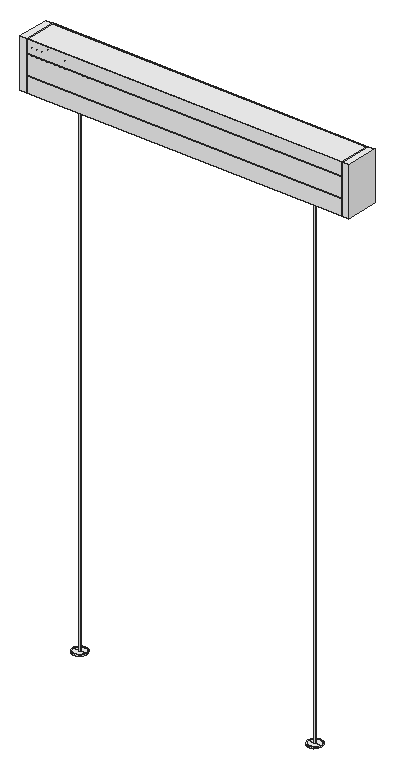
Revit family "2.3 inch  MAGIC WALL WASH LINEAR LIGHT", category Lighting Fixtures, host Face, Revit 2020 (continued)
Types (17): name | Wattage Comments | Wattage | Wall Mount | Suspenders Distance | Surface Mount | Recessed Mount | Photometric Web File | Pendent Mount | Order number | built-in parameter 1150142 | Model | built-in parameter 1150105 | Lumens | Light Source Height | Light Source Distance | built-in parameter 1150106 | Fixture Length
  MAG1223-SW1-PSM-WID-FDL | "20W/30W/40W" | 30.9677 W | no | 3' - 5" | yes | no | "MAG1223_SW1_FDL_DOWN100_4000K_wall_wash.IES" | yes | "18364" | "IESNA:LM-63-2002\r\n[TEST] 1\r\n[TESTLAB] EVERFINE\r\n[TESTDATE] 2024-04-01\r\n[ISSUEDATE] 2024-04-01 13:34:23\r\n[NEARFIELD] \r\n[LAMPPOSITION] 0,0\r\n[OTHER] EVERFINE GO-2000B_V1 SYSTEM\r\n[MANUFAC] Aboveall lighting\r\n[LUMINAIRE] MAG1223-SW1-FDL DOWN100 4000K wall wash\r\n[OTHER] \r\n[OTHER] Gamma(deg)    Fz(lm)      Ft(lm)     %Lum    %Lamp\r\n[OTHER]   0- 10       167.95      167.95     3.72     3.72\r\n[OTHER]  10- 20       474.91      642.86    14.25    14.25\r\n[OTHER]  20- 30       707.42     1350.28    29.93    29.93\r\n[OTHER]  30- 40       842.39     2192.67    48.60    48.60\r\n[OTHER]  40- 50       840.60     3033.27    67.23    67.23\r\n[OTHER]  50- 60       688.20     3721.47    82.49    82.49\r\n[OTHER]  60- 70       459.05     4180.52    92.66    92.66\r\n[OTHER]  70- 80       234.51     4415.03    97.86    97.86\r\n[OTHER]  80- 90        72.72     4487.75    99.47    99.47\r\n[OTHER]  90-100         5.55     4493.30    99.59    99.59\r\n[OTHER] 100-110         3.22     4496.51    99.66    99.66\r\n[OTHER] 110-120         3.24     4499.76    99.74    99.74\r\n[OTHER] 120-130         3.07     4502.83    99.80    99.80\r\n[OTHER] 130-140         2.88     4505.71    99.87    99.87\r\n[OTHER] 140-150         2.49     4508.20    99.92    99.92\r\n[OTHER] 150-160         1.88     4510.09    99.97    99.97\r\n[OTHER] 160-170         1.17     4511.25    99.99    99.99\r\n[OTHER] 170-180         0.39     4511.65   100.00   100.00\r\n[OTHER] \r\nTILT=NONE\r\n1 -1 1 361 73 1 2 0.060 1.200 0.000\r\n1.000 1 40.2\r\n0.0    0.5    1.0    1.5    2.0    2.5    3.0    3.5    4.0    4.5    \r\n 5.0    5.5    6.0    6.5    7.0    7.5    8.0    8.5    9.0    9.5    \r\n 10.0   10.5   11.0   11.5   12.0   12.5   13.0   13.5   14.0   14.5   \r\n 15.0   15.5   16.0   16.5   17.0   17.5   18.0   18.5   19.0   19.5   \r\n 20.0   20.5   21.0   21.5   22.0   22.5   23.0   23.5   24.0   24.5   \r\n 25.0   25.5   26.0   26.5   27.0   27.5   28.0   28.5   29.0   29.5   \r\n 30.0   30.5   31.0   31.5   32.0   32.5   33.0   33.5   34.0   34.5   \r\n 35.0   35.5   36.0   36.5   37.0   37.5   38.0   38.5   39.0   39.5   \r\n 40.0   40.5   41.0   41.5   42.0   42.5   43.0   43.5   44.0   44.5   \r\n 45.0   45.5   46.0   46.5   47.0   47.5   48.0   48.5   49.0   49.5   \r\n 50.0   50.5   51.0   51.5   52.0   52.5   53.0   53.5   54.0   54.5   \r\n 55.0   55.5   56.0   56.5   57.0   57.5   58.0   58.5   59.0   59.5   \r\n 60.0   60.5   61.0   61.5   62.0   62.5   63.0   63.5   64.0   64.5   \r\n 65.0   65.5   66.0   66.5   67.0   67.5   68.0   68.5   69.0   69.5   \r\n 70.0   70.5   71.0   71.5   72.0   72.5   73.0   73.5   74.0   74.5   \r\n 75.0   75.5   76.0   76.5   77.0   77.5   78.0   78.5   79.0   79.5   \r\n 80.0   80.5   81.0   81.5   82.0   82.5   83.0   83.5   84.0   84.5   \r\n 85.0   85.5   86.0   86.5   87.0   87.5   88.0   88.5   89.0   89.5   \r\n 90.0   90.5   91.0   91.5   92.0   92.5   93.0   93.5   94.0   94.5   \r\n 95.0   95.5   96.0   96.5   97.0   97.5   98.0   98.5   99.0   99.5   \r\n 100.0  100.5  101.0  101.5  102.0  102.5  103.0  103.5  104.0  104.5  \r\n 105.0  105.5  106.0  106.5  107.0  107.5  108.0  108.5  109.0  109.5  \r\n 110.0  110.5  111.0  111.5  112.0  112.5  113.0  113.5  114.0  114.5  \r\n 115.0  115.5  116.0  116.5  117.0  117.5  118.0  118.5  119.0  119.5  \r\n 120.0  120.5  121.0  121.5  122.0  122.5  123.0  123.5  124.0  124.5  \r\n 125.0  125.5  126.0  126.5  127.0  127.5  128.0  128.5  129.0  129.5  \r\n 130.0  130.5  131.0  131.5  132.0  132.5  133.0  133.5  134.0  134.5  \r\n 135.0  135.5  136.0  136.5  137.0  137.5  138.0  138.5  139.0  139.5  \r\n 140.0  140.5  141.0  141.5  142.0  142.5  143.0  143.5  144.0  144.5  \r\n 145.0  145.5  146.0  146.5  147.0  147.5  148.0  148.5  149.0  149.5  \r\n 150.0  150.5  151.0  151.5  152.0  152.5  153.0  153.5  154.0  154.5  \r\n 155.0  155.5  156.0  156.5  157.0  157.5  158.0  158.5  159.0  159.5  \r\n 160.0  160.5  161.0  161.5  162.0  162.5  163.0  163.5  164.0  164.5  \r\n 165.0  165.5  166.0  166.5  167.0  167.5  168.0  168.5  169.0  169.5  \r\n 170.0  170.5  171.0  171.5  172.0  172.5  173.0  173.5  174.0  174.5  \r\n 175.0  175.5  176.0  176.5  177.0  177.5  178.0  178.5  179.0  179.5  \r\n 180.0  \r\n0.0    5.0    10.0   15.0   20.0   25.0   30.0   35.0   40.0   45.0   \r\n 50.0   55.0   60.0   65.0   70.0   75.0   80.0   85.0   90.0   95.0   \r\n 100.0  105.0  110.0  115.0  120.0  125.0  130.0  135.0  140.0  145.0  \r\n 150.0  155.0  160.0  165.0  170.0  175.0  180.0  185.0  190.0  195.0  \r\n 200.0  205.0  210.0  215.0  220.0  225.0  230.0  235.0  240.0  245.0  \r\n 250.0  255.0  260.0  265.0  270.0  275.0  280.0  285.0  290.0  295.0  \r\n 300.0  305.0  310.0  315.0  320.0  325.0  330.0  335.0  340.0  345.0  \r\n 350.0  355.0  360.0  \r\n1793.11  1790.13  1787.15  1784.17  1781.19  1778.20  1775.22  1772.24  1769.26  1766.28  \r\n 1763.30  1760.32  1757.34  1754.36  1751.38  1748.40  1745.42  1742.44  1739.46  1736.48  \r\n 1733.49  1730.51  1727.53  1724.55  1721.57  1718.59  1715.61  1712.63  1709.65  1706.67  \r\n 1703.69  1695.24  1686.79  1678.34  1669.89  1661.44  1652.99  1644.54  1636.08  1627.63  \r\n 1619.18  1610.73  1602.28  1593.83  1585.38  1576.93  1568.48  1560.03  1551.58  1543.13  \r\n 1534.68  1526.23  1517.78  1509.33  1500.88  1492.43  1483.98  1475.53  1467.08  1458.63  \r\n 1450.18  1437.66  1425.14  1412.62  1400.10  1387.59  1375.07  1362.55  1350.03  1337.51  \r\n 1324.99  1312.47  1299.96  1287.44  1274.92  1262.40  1249.88  1237.36  1224.85  1212.33  \r\n 1199.81  1187.29  1174.77  1162.25  1149.73  1137.22  1124.70  1112.18  1099.66  1087.14  \r\n 1074.62  1059.58  1044.53  1029.48  1014.43  999.38   984.34   969.29   954.24   939.19   \r\n 924.15   909.10   894.05   879.00   863.95   848.91   833.86   818.81   803.76   788.72   \r\n 773.67   758.62   743.57   728.52   713.48   698.43   683.38   668.33   653.28   638.24   \r\n 623.19   610.10   597.01   583.92   570.83   557.75   544.66   531.57   518.48   505.39   \r\n 492.30   479.21   466.12   453.03   439.95   426.86   413.77   400.68   387.59   374.50   \r\n 361.41   348.32   335.24   322.15   309.06   295.97   282.88   269.79   256.70   243.61   \r\n 230.53   222.94   215.36   207.77   200.19   192.60   185.02   177.43   169.85   162.26   \r\n 154.68   147.09   139.51   131.92   124.34   116.75   109.17   101.58   94.00    86.41    \r\n 78.83    71.24    63.66    56.07    48.49    40.91    33.32    25.74    18.15    10.57    \r\n 2.98     2.99     3.01     3.02     3.03     3.04     3.06     3.07     3.08     3.09     \r\n 3.11     3.12     3.13     3.14     3.16     3.17     3.18     3.19     3.21     3.22     \r\n 3.23     3.24     3.26     3.27     3.28     3.29     3.31     3.32     3.33     3.34     \r\n 3.36     3.40     3.44     3.47     3.51     3.55     3.59     3.63     3.67     3.71     \r\n 3.75     3.79     3.83     3.87     3.91     3.95     3.99     4.03     4.06     4.10     \r\n 4.14     4.18     4.22     4.26     4.30     4.34     4.38     4.42     4.46     4.50     \r\n 4.54     4.56     4.58     4.60     4.62     4.64     4.66     4.69     4.71     4.73     \r\n 4.75     4.77     4.79     4.81     4.83     4.86     4.88     4.90     4.92     4.94     \r\n 4.96     4.98     5.00     5.03     5.05     5.07     5.09     5.11     5.13     5.15     \r\n 5.17     5.16     5.16     5.15     5.14     5.13     5.12     5.11     5.10     5.10     \r\n 5.09     5.08     5.07     5.06     5.05     5.04     5.04     5.03     5.02     5.01     \r\n 5.00     4.99     4.98     4.97     4.97     4.96     4.95     4.94     4.93     4.92     \r\n 4.91     4.90     4.88     4.86     4.84     4.83     4.81     4.79     4.77     4.76     \r\n 4.74     4.72     4.70     4.69     4.67     4.65     4.63     4.62     4.60     4.58     \r\n 4.56     4.55     4.53     4.51     4.49     4.48     4.46     4.44     4.42     4.41     \r\n 4.39     4.39     4.38     4.38     4.37     4.37     4.36     4.36     4.36     4.35     \r\n 4.35     4.34     4.34     4.33     4.33     4.33     4.32     4.32     4.31     4.31     \r\n 4.30     4.30     4.30     4.29     4.29     4.28     4.28     4.27     4.27     4.27     \r\n 4.26     \r\n1793.11  1791.39  1789.66  1787.93  1786.20  1784.45  1782.71  1780.96  1779.20  1777.43  \r\n 1775.67  1773.89  1772.11  1770.32  1768.53  1766.73  1764.92  1763.11  1761.29  1759.47  \r\n 1757.63  1755.79  1753.95  1752.09  1750.19  1748.29  1746.38  1744.46  1742.55  1740.63  \r\n 1738.71  1731.96  1724.60  1717.23  1709.85  1702.45  1695.04  1687.61  1680.17  1672.71  \r\n 1665.24  1657.76  1650.26  1642.75  1635.22  1627.68  1620.12  1612.55  1605.00  1597.45  \r\n 1589.90  1582.34  1574.78  1567.22  1559.65  1552.08  1544.51  1536.93  1529.35  1521.76  \r\n 1514.17  1503.03  1491.05  1479.05  1467.03  1454.98  1442.93  1430.85  1418.75  1406.63  \r\n 1394.50  1382.35  1370.17  1357.98  1345.76  1333.48  1321.18  1308.87  1296.55  1284.23  \r\n 1271.89  1259.54  1247.18  1234.81  1222.43  1210.04  1197.64  1185.22  1172.80  1160.37  \r\n 1147.92  1133.26  1117.95  1102.63  1087.29  1071.93  1056.55  1041.16  1025.74  1010.31  \r\n 994.86   979.39   963.90   948.39   932.87   917.33   901.77   886.18   870.55   854.90   \r\n 839.23   823.55   807.85   792.13   776.39   760.64   744.86   729.08   713.27   697.45   \r\n 681.61   667.20   653.12   639.02   624.90   610.77   596.63   582.47   568.31   554.13   \r\n 539.93   525.73   511.51   497.28   483.04   468.79   454.52   440.25   425.96   411.67   \r\n 397.36   383.05   368.72   354.39   340.04   325.69   311.33   296.96   282.58   268.20   \r\n 253.80   244.91   236.69   228.46   220.23   211.99   203.75   195.50   187.25   179.00   \r\n 170.74   162.48   154.21   145.95   137.68   129.40   121.13   112.85   104.57   96.28    \r\n 88.00    79.71    71.42    63.13    54.84    46.55    38.26    29.96    21.67    13.37    \r\n 5.07     5.02     4.97     4.92     4.87     4.82     4.77     4.72     4.67     4.61     \r\n 4.56     4.51     4.46     4.41     4.35     4.30     4.25     4.20     4.15     4.10     \r\n 4.04     3.99     3.94     3.89     3.84     3.79     3.74     3.69     3.64     3.59     \r\n 3.54     3.58     3.61     3.64     3.67     3.70     3.73     3.77     3.80     3.83     \r\n 3.86     3.90     3.93     3.96     3.99     4.02     4.06     4.09     4.12     4.15     \r\n 4.19     4.22     4.25     4.29     4.32     4.35     4.39     4.42     4.45     4.49     \r\n 4.52     4.53     4.54     4.55     4.56     4.57     4.59     4.60     4.61     4.62     \r\n 4.64     4.65     4.66     4.67     4.69     4.70     4.72     4.73     4.75     4.76     \r\n 4.77     4.79     4.80     4.82     4.83     4.85     4.86     4.88     4.90     4.91     \r\n 4.92     4.91     4.90     4.88     4.87     4.86     4.85     4.84     4.82     4.81     \r\n 4.80     4.79     4.78     4.77     4.75     4.74     4.73     4.72     4.71     4.70     \r\n 4.69     4.68     4.67     4.66     4.65     4.64     4.63     4.62     4.61     4.60     \r\n 4.59     4.57     4.56     4.54     4.53     4.51     4.50     4.49     4.47     4.46     \r\n 4.44     4.43     4.41     4.40     4.39     4.37     4.36     4.35     4.34     4.33     \r\n 4.31     4.30     4.29     4.28     4.27     4.26     4.25     4.24     4.23     4.22     \r\n 4.21     4.21     4.21     4.21     4.22     4.22     4.22     4.22     4.22     4.23     \r\n 4.23     4.23     4.23     4.23     4.23     4.23     4.24     4.24     4.24     4.24     \r\n 4.24     4.24     4.25     4.25     4.25     4.25     4.25     4.26     4.26     4.26     \r\n 4.26     \r\n1793.11  1792.66  1792.20  1791.74  1791.26  1790.77  1790.27  1789.76  1789.24  1788.71  \r\n 1788.17  1787.61  1786.98  1786.26  1785.54  1784.81  1784.08  1783.35  1782.62  1781.88  \r\n 1781.13  1780.39  1779.63  1778.87  1778.00  1777.11  1776.20  1775.29  1774.38  1773.46  \r\n 1772.54  1768.57  1762.20  1755.82  1749.44  1743.05  1736.55  1730.02  1723.48  1716.91  \r\n 1710.33  1703.74  1697.12  1690.49  1683.83  1677.16  1670.48  1663.77  1656.99  1650.17  \r\n 1643.32  1636.45  1629.56  1622.64  1615.71  1608.75  1601.77  1594.77  1587.74  1580.70  \r\n 1573.63  1565.48  1553.96  1542.40  1530.83  1519.22  1507.60  1495.94  1484.27  1472.56  \r\n 1460.84  1449.08  1437.30  1425.50  1413.67  1401.76  1389.82  1377.86  1365.87  1353.86  \r\n 1341.83  1329.77  1317.69  1305.59  1293.46  1281.31  1269.14  1256.95  1244.73  1232.48  \r\n 1220.21  1207.51  1191.88  1176.22  1160.53  1144.79  1129.02  1113.21  1097.37  1081.49  \r\n 1065.58  1049.63  1033.64  1017.62  1001.57  985.48   969.36   953.21   937.02   920.81   \r\n 904.57   888.31   872.02   855.71   839.36   823.00   806.60   790.19   773.74   757.28   \r\n 740.79   724.65   709.65   694.62   679.56   664.45   649.32   634.14   618.94   603.68   \r\n 588.37   573.02   557.65   542.25   526.82   511.36   495.87   480.36   464.82   449.26   \r\n 433.67   418.06   402.43   386.77   371.09   355.39   339.67   323.93   308.17   292.40   \r\n 276.60   264.74   255.91   247.09   238.26   229.42   220.58   211.74   202.90   194.05   \r\n 185.20   176.34   167.49   158.63   149.77   140.90   132.04   123.17   114.30   105.43   \r\n 96.56    87.68    78.80    69.93    61.05    52.17    43.28    34.40    25.52    16.63    \r\n 7.75     7.61     7.47     7.33     7.20     7.06     6.92     6.78     6.64     6.50     \r\n 6.36     6.22     6.08     5.94     5.80     5.66     5.52     5.38     5.24     5.10     \r\n 4.96     4.83     4.69     4.55     4.42     4.28     4.15     4.01     3.88     3.75     \r\n 3.69     3.72     3.76     3.79     3.83     3.87     3.90     3.94     3.97     4.01     \r\n 4.04     4.08     4.11     4.15     4.18     4.22     4.25     4.29     4.32     4.35     \r\n 4.39     4.42     4.46     4.49     4.53     4.56     4.60     4.63     4.67     4.70     \r\n 4.71     4.72     4.72     4.73     4.73     4.73     4.74     4.74     4.75     4.75     \r\n 4.76     4.76     4.76     4.77     4.77     4.78     4.78     4.78     4.79     4.79     \r\n 4.80     4.80     4.81     4.81     4.81     4.82     4.82     4.83     4.84     4.84     \r\n 4.82     4.81     4.79     4.77     4.75     4.73     4.71     4.70     4.68     4.66     \r\n 4.65     4.63     4.62     4.60     4.59     4.57     4.56     4.54     4.53     4.52     \r\n 4.50     4.49     4.48     4.47     4.46     4.45     4.43     4.42     4.41     4.40     \r\n 4.39     4.38     4.36     4.35     4.34     4.33     4.31     4.30     4.29     4.28     \r\n 4.26     4.25     4.24     4.23     4.21     4.20     4.19     4.18     4.16     4.15     \r\n 4.14     4.13     4.12     4.11     4.09     4.08     4.07     4.06     4.05     4.04     \r\n 4.04     4.05     4.05     4.06     4.06     4.06     4.07     4.07     4.08     4.09     \r\n 4.10     4.11     4.12     4.13     4.13     4.14     4.15     4.16     4.17     4.17     \r\n 4.18     4.19     4.20     4.20     4.21     4.22     4.23     4.24     4.24     4.25     \r\n 4.26     \r\n1793.11  1793.94  1794.75  1795.55  1796.34  1797.11  1797.86  1798.60  1799.26  1799.73  \r\n 1800.19  1800.65  1801.11  1801.56  1802.01  1802.45  1802.79  1803.02  1803.25  1803.47  \r\n 1803.68  1803.89  1804.10  1804.30  1804.39  1804.43  1804.47  1804.51  1804.54  1804.57  \r\n 1804.60  1804.62  1799.20  1793.68  1788.13  1782.55  1776.93  1771.29  1765.62  1759.91  \r\n 1754.07  1748.15  1742.21  1736.26  1730.29  1724.29  1718.28  1712.25  1706.16  1699.97  \r\n 1693.76  1687.53  1681.28  1675.01  1668.72  1662.41  1656.09  1649.68  1643.25  1636.79  \r\n 1630.31  1623.82  1616.10  1605.04  1593.95  1582.82  1571.46  1560.07  1548.65  1537.21  \r\n 1525.74  1514.25  1502.73  1491.19  1479.62  1468.08  1456.53  1444.94  1433.30  1421.61  \r\n 1409.88  1398.09  1386.27  1374.40  1362.48  1350.38  1338.20  1326.01  1313.80  1301.56  \r\n 1289.31  1277.03  1264.68  1248.72  1232.71  1216.65  1200.57  1184.44  1168.26  1152.04  \r\n 1135.76  1119.44  1103.07  1086.66  1070.20  1053
